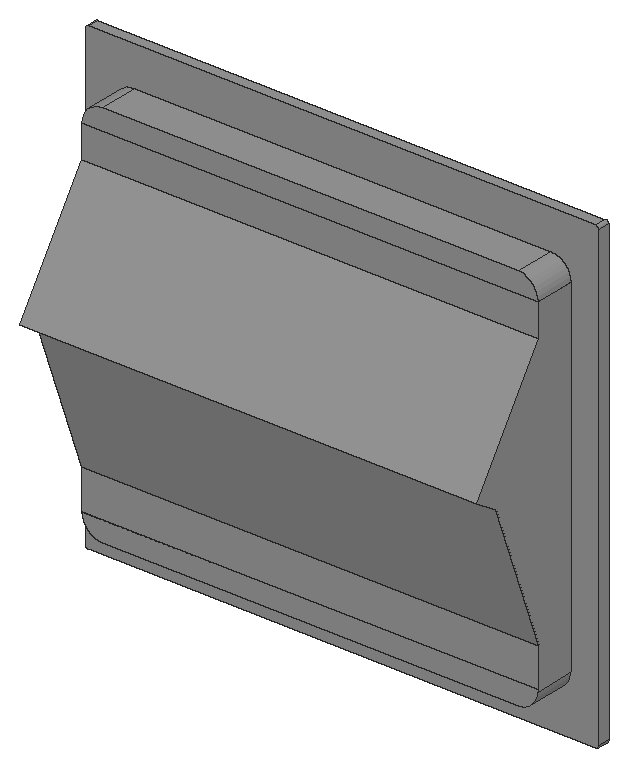
Revit family "L&L_LUCE&LIGHT_PASITO_1.1", category Lighting Fixtures, host Wall, Revit 2018 (continued)
Types (2, lengths in mm): name | built-in parameter 1150142 | Photometric Web File
    \n8.84 8.63 8.36 8.10 7.84 7.61 7.36 7.09 6.87 6.63 6.40 \r\n6.17 5.94 5.69 5.46 5.24 5.00 4.79 4.58 4.37 4.17 3.96 \r\n3.75 3.56 3.38 3.19 3.01 2.83 2.65 2.46 2.27 2.11 1.95 \r\n1.80 1.64 1.50 1.34 1.19 1.06 0.92 0.77 0.64 0.52 0.39 \r\n0.27 0.16 0.07 0.02 \r\n0.07 0.10 0.45 1.13 1.65 2.11 3.16 4.92 7.07 9.75 12.92 \r\n16.95 21.72 27.49 34.75 42.94 52.75 63.21 72.53 79.69 \r\n84.99 88.79 92.43 96.40 100.11 103.94 107.86 111.52 \r\n115.13 118.94 122.31 125.80 129.37 132.67 136.04 138.91 \r\n141.84 144.85 147.40 149.56 151.93 154.03 155.70 157.36 \r\n159.01 160.37 161.51 162.53 163.43 164.07 164.51 164.72 \r\n164.72 164.50 164.14 163.61 162.85 161.86 160.70 159.24 \r\n157.54 155.69 153.57 151.11 148.33 145.25 141.83 138.09 \r\n133.92 129.34 124.34 118.89 113.02 106.85 100.40 93.81 \r\n87.25 80.83 74.67 68.94 63.70 58.94 54.67 50.85 47.48 \r\n44.48 41.80 39.41 37.28 35.37 33.65 32.09 30.67 29.35 \r\n28.11 26.95 25.85 24.82 23.87 23.00 22.19 21.45 20.75 \r\n20.10 19.51 18.96 18.46 17.99 17.53 17.11 16.74 16.39 \r\n16.04 15.72 15.42 15.13 14.84 14.50 14.07 13.61 13.20 \r\n12.81 12.45 12.13 11.85 11.62 11.36 11.07 10.80 10.53 \r\n10.29 10.06 9.74 9.47 9.21 8.94 8.70 8.37 8.14 7.89 7.61 \r\n7.36 7.10 6.85 6.62 6.37 6.10 5.89 5.64 5.37 5.12 4.92 \r\n4.69 4.44 4.23 4.04 3.82 3.61 3.42 3.20 3.01 2.84 2.65 \r\n2.45 2.26 2.09 1.92 1.76 1.60 1.43 1.27 1.12 0.97 0.81 \r\n0.67 0.54 0.41 0.28 0.17 0.07 0.02 \r\n0.07 0.09 0.49 1.20 1.71 2.23 3.52 5.47 7.86 10.85 14.51 \r\n19.18 24.53 31.53 39.85 49.51 60.50 70.82 79.24 85.44 \r\n89.67 93.63 98.09 102.13 106.25 110.65 114.89 119.13 \r\n123.32 127.19 131.37 135.46 139.35 143.07 146.76 150.42 \r\n153.78 156.92 159.97 162.82 165.33 167.68 169.83 171.66 \r\n173.50 175.10 176.25 177.24 178.20 178.88 179.15 179.37 \r\n179.41 179.18 178.72 178.09 177.25 176.13 174.78 173.24 \r\n171.49 169.51 167.21 164.59 161.64 158.25 154.45 150.17 \r\n145.40 140.17 134.40 128.12 121.44 114.49 107.19 99.72 \r\n92.42 85.41 78.75 72.63 67.01 61.87 57.29 53.25 49.65 \r\n46.46 43.61 41.07 38.81 36.79 34.97 33.32 31.82 30.45 \r\n29.18 27.95 26.77 25.69 24.73 23.84 22.99 22.22 21.52 \r\n20.86 20.26 19.70 19.16 18.67 18.23 17.82 17.42 17.05 \r\n16.72 16.39 16.07 15.76 15.48 15.20 14.85 14.40 13.95 \r\n13.55 13.16 12.79 12.48 12.16 11.90 11.66 11.35 11.08 \r\n10.82 10.53 10.28 9.99 9.70 9.46 9.14 8.91 8.59 8.31 8.06 \r\n7.76 7.55 7.20 6.99 6.72 6.46 6.22 5.95 5.69 5.48 5.16 \r\n4.95 4.73 4.47 4.23 4.03 3.83 3.62 3.41 3.18 2.99 2.81 \r\n2.60 2.40 2.21 2.03 1.86 1.68 1.51 1.34 1.17 1.01 0.85 \r\n0.69 0.56 0.43 0.30 0.18 0.07 0.02 \r\n0.07 0.09 0.52 1.26 1.75 2.38 3.84 5.89 8.49 11.78 15.95 \r\n20.95 27.10 35.03 44.40 55.27 66.44 76.63 84.20 89.18 \r\n93.56 98.21 102.79 107.16 111.90 116.63 121.20 125.81 \r\n130.32 134.94 139.63 143.63 148.04 152.43 156.30 160.27 \r\n164.14 167.45 170.66 173.81 176.58 179.22 181.47 183.52 \r\n185.11 186.44 187.60 188.47 189.03 189.37 189.45 189.30 \r\n188.97 188.42 187.69 186.73 185.58 184.24 182.70 181.03 \r\n179.06 176.77 174.31 171.58 168.42 164.79 160.76 156.26 \r\n151.20 145.63 139.49 132.73 125.71 118.27 110.58 102.93 \r\n95.41 88.09 81.24 74.92 69.06 63.82 59.15 54.97 51.26 \r\n47.94 44.98 42.34 39.98 37.87 35.99 34.29 32.74 31.32 \r\n29.98 28.71 27.51 26.42 25.42 24.50 23.64 22.87 22.14 \r\n21.46 20.85 20.29 19.74 19.24 18.78 18.35 17.96 17.59 \r\n17.25 16.92 16.60 16.29 15.98 15.70 15.42 15.06 14.58 \r\n14.12 13.74 13.33 12.96 12.69 12.38 12.09 11.84 11.51 \r\n11.25 10.98 10.67 10.45 10.12 9.82 9.59 9.24 9.00 8.69 \r\n8.40 8.12 7.84 7.59 7.27 7.02 6.76 6.49 6.21 5.99 5.67 \r\n5.45 5.17 4.92 4.70 4.46 4.19 3.99 3.79 3.57 3.35 3.13 \r\n2.92 2.72 2.51 2.31 2.11 1.93 1.74 1.56 1.38 1.21 1.05 \r\n0.88 0.71 0.58 0.45 0.31 0.18 0.07 0.02 \r\n0.07 0.09 0.54 1.31 1.78 2.47 4.08 6.20 9.01 12.53 17.01 \r\n22.28 29.15 37.60 47.81 59.24 70.75 80.65 87.23 92.07 \r\n96.90 101.80 106.68 111.50 116.61 121.39 126.22 131.30 \r\n136.30 141.12 145.66 150.54 155.28 159.62 164.07 168.18 \r\n172.12 175.94 179.40 182.51 185.31 187.80 189.94 191.72 \r\n193.17 194.10 194.86 195.25 195.31 195.13 194.71 194.03 \r\n193.19 192.18 190.91 189.47 187.90 186.16 184.21 182.09 \r\n179.69 177.29 174.56 171.47 168.20 164.60 160.48 155.75 \r\n150.75 145.34 139.05 132.55 125.52 118.12 110.90 103.39 \r\n95.85 88.72 81.88 75.73 69.95 64.82 60.13 55.85 52.17 \r\n48.86 45.82 43.16 40.76 38.61 36.71 34.96 33.38 31.93 \r\n30.57 29.27 28.04 26.93 25.93 24.99 24.11 23.32 22.59 \r\n21.92 21.27 20.69 20.17 19.68 19.21 18.77 18.35 17.99 \r\n17.65 17.32 16.99 16.68 16.37 16.08 15.83 15.53 15.08 \r\n14.60 14.18 13.80 13.36 13.03 12.78 12.43 12.18 11.91 \r\n11.54 11.32 11.02 10.70 10.49 10.09 9.85 9.58 9.24 9.00 \r\n8.66 8.39 8.10 7.83 7.54 7.23 7.01 6.70 6.47 6.15 5.94 \r\n5.63 5.37 5.12 4.84 4.64 4.37 4.11 3.91 3.70 3.47 3.25 \r\n3.02 2.81 2.59 2.38 2.17 1.97 1.78 1.60 1.41 1.23 1.07 \r\n0.90 0.73 0.59 0.46 0.32 0.19 0.08 0.02 \r\n0.07 0.09 0.55 1.34 1.79 2.52 4.22 6.36 9.32 12.98 17.65 \r\n23.19 30.53 39.18 49.97 61.63 73.48 82.97 89.17 94.25 \r\n99.14 104.33 109.56 114.64 119.81 124.81 129.99 135.47 \r\n140.39 145.36 150.58 155.44 160.32 165.14 169.71 173.91 \r\n177.93 181.72 185.11 188.18 190.91 193.22 195.02 196.56 \r\n197.70 198.31 198.54 198.48 198.07 197.27 196.35 195.11 \r\n193.69 191.92 190.19 188.23 186.20 184.08 181.78 179.33 \r\n176.61 173.84 170.96 167.71 164.15 160.26 156.29 151.74 \r\n146.71 141.49 135.70 129.47 123.01 116.06 108.95 101.82 \r\n94.82 88.13 81.62 75.69 69.96 65.01 60.45 56.19 52.53 \r\n49.12 46.20 43.56 41.19 39.01 37.11 35.35 33.79 32.33 \r\n30.97 29.66 28.45 27.30 26.25 25.31 24.44 23.65 22.92 \r\n22.25 21.59 21.01 20.49 19.97 19.50 19.05 18.65 18.28 \r\n17.92 17.58 17.27 16.94 16.64 16.35 16.06 15.81 15.45 \r\n14.94 14.47 14.11 13.71 13.27 13.03 12.73 12.40 12.18 \r\n11.82 11.52 11.31 10.93 10.68 10.38 10.04 9.82 9.45 9.19 \r\n8.89 8.57 8.32 8.00 7.76 7.42 7.16 6.89 6.62 6.35 6.06 \r\n5.81 5.50 5.23 4.97 4.72 4.49 4.22 3.98 3.77 3.53 3.31 \r\n3.08 2.85 2.63 2.41 2.20 2.00 1.81 1.62 1.43 1.25 1.08 \r\n0.92 0.74 0.59 0.47 0.32 0.19 0.08 0.02 \r\n0.07 0.08 0.55 1.35 1.79 2.52 4.26 6.38 9.44 13.12 17.85 \r\n23.53 31.06 39.56 50.70 62.55 74.80 84.13 90.39 95.54 \r\n100.50 105.92 111.32 116.35 121.73 127.08 132.30 137.89 \r\n142.95 148.48 153.61 158.64 163.87 168.69 173.48 177.62 \r\n181.67 185.32 188.86 191.67 194.12 196.29 197.79 198.93 \r\n199.61 199.89 199.74 199.18 198.34 197.14 195.65 194.19 \r\n192.41 190.38 188.10 185.72 183.44 180.95 178.38 175.71 \r\n172.79 169.88 166.73 163.49 159.92 155.97 151.80 147.40 \r\n142.68 137.54 132.32 126.25 120.18 113.79 107.01 100.22 \r\n93.71 87.43 81.20 75.18 69.78 65.06 60.52 56.53 52.83 \r\n49.43 46.53 43.87 41.40 39.24 37.31 35.58 33.99 32.56 \r\n31.21 29.89 28.69 27.58 26.56 25.61 24.72 23.92 23.13 \r\n22.48 21.82 21.22 20.69 20.18 19.68 19.26 18.86 18.47 \r\n18.13 17.78 17.47 17.16 16.84 16.52 16.24 16.00 15.67 \r\n15.20 14.73 14.32 13.94 13.49 13.17 12.92 12.55 12.32 \r\n12.04 11.65 11.43 11.12 10.80 10.56 10.21 9.94 9.64 9.30 \r\n9.05 8.69 8.45 8.12 7.84 7.53 7.24 6.97 6.69 6.42 6.14 \r\n5.85 5.60 5.26 5.04 4.76 4.50 4.28 4.03 3.78 3.55 3.33 \r\n3.10 2.88 2.65 2.43 2.22 2.01 1.81 1.64 1.44 1.26 1.09 \r\n0.93 0.75 0.60 0.47 0.32 0.20 0.08 0.02 \r\n0.07 0.08 0.54 1.35 1.78 2.49 4.21 6.27 9.35 12.98 17.63 \r\n23.32 30.79 38.89 50.10 62.01 74.64 84.25 90.90 96.06 \r\n101.06 106.56 112.06 116.92 122.56 128.22 133.14 138.82 \r\n144.51 150.21 155.11 160.68 165.72 170.60 175.53 180.20 \r\n184.04 188.06 191.61 194.41 197.16 199.42 200.99 202.21 \r\n202.92 203.18 203.02 202.43 201.49 200.17 198.57 196.82 \r\n194.78 192.80 190.39 187.95 185.52 182.83 180.20 177.14 \r\n174.49 171.28 167.83 164.44 160.93 157.07 152.86 149.03 \r\n144.33 139.35 134.63 128.85 122.62 116.14 110.25 103.43 \r\n96.64 90.88 84.55 78.53 73.20 67.91 63.38 59.33 55.59 \r\n52.05 48.83 46.30 43.66 41.41 37.31 36.14 34.65 33.14 \r\n31.69 30.29 29.10 27.96 26.87 25.86 25.05 24.19 23.41 \r\n22.70 21.99 21.41 20.91 20.34 19.87 19.42 19.04 18.62 \r\n18.27 17.93 17.63 17.30 16.97 16.70 16.40 16.13 15.82 \r\n15.28 14.81 14.41 14.05 13.58 13.29 13.04 12.65 12.43 \r\n12.06 11.76 11.56 11.15 10.89 10.65 10.23 10.02 9.68 9.35 \r\n9.10 8.71 8.50 8.12 7.90 7.49 7.29 6.96 6.72 6.41 6.18 \r\n5.84 5.62 5.26 5.05 4.78 4.49 4.29 4.05 3.78 3.55 3.33 \r\n3.10 2.88 2.65 2.43 2.22 2.01 1.81 1.64 1.44 1.26 1.10 \r\n0.93 0.75 0.60 0.47 0.33 0.20 0.08 0.02 \r\n0.07 0.08 0.55 1.35 1.79 2.52 4.26 6.38 9.44 13.12 17.85 \r\n23.53 31.06 39.56 50.70 62.55 74.80 84.13 90.39 95.54 \r\n100.50 105.92 111.32 116.35 121.73 127.08 132.30 137.89 \r\n142.95 148.48 153.61 158.64 163.87 168.69 173.48 177.62 \r\n181.67 185.32 188.86 191.67 194.12 196.29 197.79 198.93 \r\n199.61 199.89 199.74 199.18 198.34 197.14 195.65 194.19 \r\n192.41 190.38 188.10 185.72 183.44 180.95 178.38 175.71 \r\n172.79 169.88 166.73 163.49 159.92 155.97 151.80 147.40 \r\n142.68 137.54 132.32 126.25 120.18 113.79 107.01 100.22 \r\n93.71 87.43 81.20 75.18 69.78 65.06 60.52 56.53 52.83 \r\n49.43 46.53 43.87 41.40 39.24 37.31 35.58 33.99 32.56 \r\n31.21 29.89 28.69 27.58 26.56 25.61 24.72 23.92 23.13 \r\n22.48 21.82 21.22 20.69 20.18 19.68 19.26 18.86 18.47 \r\n18.13 17.78 17.47 17.16 16.84 16.52 16.24 16.00 15.67 \r\n15.20 14.73 14.32 13.94 13.49 13.17 12.92 12.55 12.32 \r\n12.04 11.65 11.43 11.12 10.80 10.56 10.21 9.94 9.64 9.30 \r\n9.05 8.69 8.45 8.12 7.84 7.53 7.24 6.97 6.69 6.42 6.14 \r\n5.85 5.60 5.26 5.04 4.76 4.50 4.28 4.03 3.78 3.55 3.33 \r\n3.10 2.88 2.65 2.43 2.22 2.01 1.81 1.64 1.44 1.26 1.09 \r\n0.93 0.75 0.60 0.47 0.32 0.20 0.08 0.02 \r\n0.07 0.09 0.55 1.34 1.79 2.52 4.22 6.36 9.32 12.98 17.65 \r\n23.19 30.53 39.18 49.97 61.63 73.48 82.97 89.17 94.25 \r\n99.14 104.33 109.56 114.64 119.81 124.81 129.99 135.47 \r\n140.39 145.36 150.58 155.44 160.32 165.14 169.71 173.91 \r\n177.93 181.72 185.11 188.18 190.91 193.22 195.02 196.56 \r\n197.70 198.31 198.54 198.48 198.07 197.27 196.35 195.11 \r\n193.69 191.92 190.19 188.23 186.20 184.08 181.78 179.33 \r\n176.61 173.84 170.96 167.71 164.15 160.26 156.29 151.74 \r\n146.71 141.49 135.70 129.47 123.01 116.06 108.95 101.82 \r\n94.82 88.13 81.62 75.69 69.96 65.01 60.45 56.19 52.53 \r\n49.12 46.20 43.56 41.19 39.01 37.11 35.35 33.79 32.33 \r\n30.97 29.66 28.45 27.30 26.25 25.31 24.44 23.65 22.92 \r\n22.25 21.59 21.01 20.49 19.97 19.50 19.05 18.65 18.28 \r\n17.92 17.58 17.27 16.94 16.64 16.35 16.06 15.81 15.45 \r\n14.94 14.47 14.11 13.71 13.27 13.03 12.73 12.40 12.18 \r\n11.82 11.52 11.31 10.93 10.68 10.38 10.04 9.82 9.45 9.19 \r\n8.89 8.57 8.32 8.00 7.76 7.42 7.16 6.89 6.62 6.35 6.06 \r\n5.81 5.50 5.23 4.97 4.72 4.49 4.22 3.98 3.77 3.53 3.31 \r\n3.08 2.85 2.63 2.41 2.20 2.00 1.81 1.62 1.43 1.25 1.08 \r\n0.92 0.74 0.59 0.47 0.32 0.19 0.08 0.02 \r\n0.07 0.09 0.54 1.31 1.78 2.47 4.08 6.20 9.01 12.53 17.01 \r\n22.28 29.15 37.60 47.81 59.24 70.75 80.65 87.23 92.07 \r\n96.90 101.80 106.68 111.50 116.61 121.39 126.22 131.30 \r\n136.30 141.12 145.66 150.54 155.28 159.62 164.07 168.18 \r\n172.12 175.94 179.40 182.51 185.31 187.80 189.94 191.72 \r\n193.17 194.10 194.86 195.25 195.31 195.13 194.71 194.03 \r\n193.19 192.18 190.91 189.47 187.90 186.16 184.21 182.09 \r\n179.69 177.29 174.56 171.47 168.20 164.60 160.48 155.75 \r\n150.75 145.34 139.05 132.55 125.52 118.12 110.90 103.39 \r\n95.85 88.72 81.88 75.73 69.95 64.82 60.13 55.85 52.17 \r\n48.86 45.82 43.16 40.76 38.61 36.71 34.96 33.38 31.93 \r\n30.57 29.27 28.04 26.93 25.93 24.99 24.11 23.32 22.59 \r\n21.92 21.27 20.69 20.17 19.68 19.21 18.77 18.35 17.99 \r\n17.65 17.32 16.99 16.68 16.37 16.08 15.83 15.53 15.08 \r\n14.60 14.18 13.80 13.36 13.03 12.78 12.43 12.18 11.91 \r\n11.54 11.32 11.02 10.70 10.49 10.09 9.85 9.58 9.24 9.00 \r\n8.66 8.39 8.10 7.83 7.54 7.23 7.01 6.70 6.47 6.15 5.94 \r\n5.63 5.37 5.12 4.84 4.64 4.37 4.11 3.91 3.70 3.47 3.25 \r\n3.02 2.81 2.59 2.38 2.17 1.97 1.78 1.60 1.41 1.23 1.07 \r\n0.90 0.73 0.59 0.46 0.32 0.19 0.08 0.02 \r\n0.07 0.09 0.52 1.26 1.75 2.38 3.84 5.89 8.49 11.78 15.95 \r\n20.95 27.10 35.03 44.40 55.27 66.44 76.63 84.20 89.18 \r\n93.56 98.21 102.79 107.16 111.90 116.63 121.20 125.81 \r\n130.32 134.94 139.63 143.63 148.04 152.43 156.30 160.27 \r\n164.14 167.45 170.66 173.81 176.58 179.22 181.47 183.52 \r\n185.11 186.44 187.60 188.47 189.03 189.37 189.45 189.30 \r\n188.97 188.42 187.69 186.73 185.58 184.24 182.70 181.03 \r\n179.06 176.77 174.31 171.58 168.42 164.79 160.76 156.26 \r\n151.20 145.63 139.49 132.73 125.71 118.27 110.58 102.93 \r\n95.41 88.09 81.24 74.92 69.06 63.82 59.15 54.97 51.26 \r\n47.94 44.98 42.34 39.98 37.87 35.99 34.29 32.74 31.32 \r\n29.98 28.71 27.51 26.42 25.42 24.50 23.64 22.87 22.14 \r\n21.46 20.85 20.29 19.74 19.24 18.78 18.35 17.96 17.59 \r\n17.25 16.92 16.60 16.29 15.98 15.70 15.42 15.06 14.58 \r\n14.12 13.74 13.33 12.96 12.69 12.38 12.09 11.84 11.51 \r\n11.25 10.98 10.67 10.45 10.12 9.82 9.59 9.24 9.00 8.69 \r\n8.40 8.12 7.84 7.59 7.27 7.02 6.76 6.49 6.21 5.99 5.67 \r\n5.45 5.17 4.92 4.70 4.46 4.19 3.99 3.79 3.57 3.35 3.13 \r\n2.92 2.72 2.51 2.31 2.11 1.93 1.74 1.56 1.38 1.21 1.05 \r\n0.88 0.71 0.58 0.45 0.31 0.18 0.07 0.02 \r\n0.07 0.09 0.49 1.20 1.71 2.23 3.52 5.47 7.86 10.85 14.51 \r\n19.18 24.53 31.53 39.85 49.51 60.50 70.82 79.24 85.44 \r\n89.67 93.63 98.09 102.13 106.25 110.65 114.89 119.13 \r\n123.32 127.19 131.37 135.46 139.35 143.07 146.76 150.42 \r\n153.78 156.92 159.97 162.82 165.33 167.68 169.83 171.66 \r\n173.50 175.10 176.25 177.24 178.20 178.88 179.15 179.37 \r\n179.41 179.18 178.72 178.09 177.25 176.13 174.78 173.24 \r\n171.49 169.51 167.21 164.59 161.64 158.25 154.45 150.17 \r\n145.40 140.17 134.40 128.12 121.44 114.49 107.19 99.72 \r\n92.42 85.41 78.75 72.63 67.01 61.87 57.29 53.25 49.65 \r\n46.46 43.61 41.07 38.81 36.79 34.97 33.32 31.82 30.45 \r\n29.18 27.95 26.77 25.69 24.73 23.84 22.99 22.22 21.52 \r\n20.86 20.26 19.70 19.16 18.67 18.23 17.82 17.42 17.05 \r\n16.72 16.39 16.07 15.76 15.48 15.20 14.85 14.40 13.95 \r\n13.55 13.16 12.79 12.48 12.16 11.90 11.66 11.35 11.08 \r\n10.82 10.53 10.28 9.99 9.70 9.46 9.14 8.91 8.59 8.31 8.06 \r\n7.76 7.55 7.20 6.99 6.72 6.46 6.22 5.95 5.69 5.48 5.16 \r\n4.95 4.73 4.47 4.23 4.03 3.83 3.62 3.41 3.18 2.99 2.81 \r\n2.60 2.40 2.21 2.03 1.86 1.68 1.51 1.34 1.17 1.01 0.85 \r\n0.69 0.56 0.43 0.30 0.18 0.07 0.02 \r\n0.07 0.10 0.45 1.13 1.65 2.11 3.16 4.92 7.07 9.75 12.92 \r\n16.95 21.72 27.49 34.75 42.94 52.75 63.21 72.53 79.69 \r\n84.99 88.79 92.43 96.40 100.11 103.94 107.86 111.52 \r\n115.13 118.94 122.31 125.80 129.37 132.67 136.04 138.91 \r\n141.84 144.85 147.40 149.56 151.93 154.03 155.70 157.36 \r\n159.01 160.37 161.51 162.53 163.43 164.07 164.51 164.72 \r\n164.72 164.50 164.14 163.61 162.85 161.86 160.70 159.24 \r\n157.54 155.69 153.57 151.11 148.33 145.25 141.83 138.09 \r\n133.92 129.34 124.34 118.89 113.02 106.85 100.40 93.81 \r\n87.25 80.83 74.67 68.94 63.70 58.94 54.67 50.85 47.48 \r\n44.48 41.80 39.41 37.28 35.37 33.65 32.09 30.67 29.35 \r\n28.11 26.95 25.85 24.82 23.87 23.00 22.19 21.45 20.75 \r\n20.10 19.51 18.96 18.46 17.99 17.53 17.11 16.74 16.39 \r\n16.04 15.72 15.42 15.13 14.84 14.50 14.07 13.61 13.20 \r\n12.81 12.45 12.13 11.85 11.62 11.36 11.07 10.80 10.53 \r\n10.29 10.06 9.74 9.47 9.21 8.94 8.70 8.37 8.14 7.89 7.61 \r\n7.36 7.10 6.85 6.62 6.37 6.10 5.89 5.64 5.37 5.12 4.92 \r\n4.69 4.44 4.23 4.04 3.82 3.61 3.42 3.20 3.01 2.84 2.65 \r\n2.45 2.26 2.09 1.92 1.76 1.60 1.43 1.27 1.12 0.97 0.81 \r\n0.67 0.54 0.41 0.28 0.17 0.07 0.02 \r\n0.07 0.10 0.40 1.04 1.57 1.97 2.77 4.28 6.18 8.50 11.27 \r\n14.44 18.67 23.42 29.25 36.36 44.27 53.50 63.34 72.02 \r\n78.47 83.12 86.53 89.91 93.35 96.62 99.97 103.41 106.65 \r\n109.62 112.63 115.78 118.54 121.39 124.16 126.66 129.14 \r\n131.37 133.58 135.72 137.47 139.02 140.50 141.82 143.01 \r\n144.03 144.83 145.52 146.00 146.39 146.78 146.88 146.76 \r\n146.55 146.14 145.47 144.64 143.71 142.51 141.07 139.54 \r\n137.82 135.79 133.58 131.21 128.53 125.53 122.32 118.87 \r\n115.09 110.98 106.55 101.79 96.70 91.35 85.82 80.24 74.71 \r\n69.37 64.33 59.64 55.35 51.48 48.01 44.91 42.15 39.68 \r\n37.48 35.49 33.72 32.11 30.66 29.31 28.06 26.88 25.76 \r\n24.71 23.73 22.81 21.96 21.19 20.47 19.80 19.17 18.59 \r\n18.06 17.57 17.11 16.68 16.29 15.93 15.58 15.23 14.93 \r\n14.67 14.36 13.98 13.54 13.08 12.66 12.30 11.96 11.66 \r\n11.42 11.19 10.93 10.66 10.39 10.15 9.90 9.64 9.39 9.12 \r\n8.84 8.63 8.36 8.10 7.84 7.61 7.36 7.09 6.87 6.63 6.40 \r\n6.17 5.94 5.69 5.46 5.24 5.00 4.79 4.58 4.37 4.17 3.96 \r\n3.75 3.56 3.38 3.19 3.01 2.83 2.65 2.46 2.27 2.11 1.95 \r\n1.80 1.64 1.50 1.34 1.19 1.06 0.92 0.77 0.64 0.52 0.39 \r\n0.27 0.16 0.07 0.02 \r\n0.07 0.10 0.3
